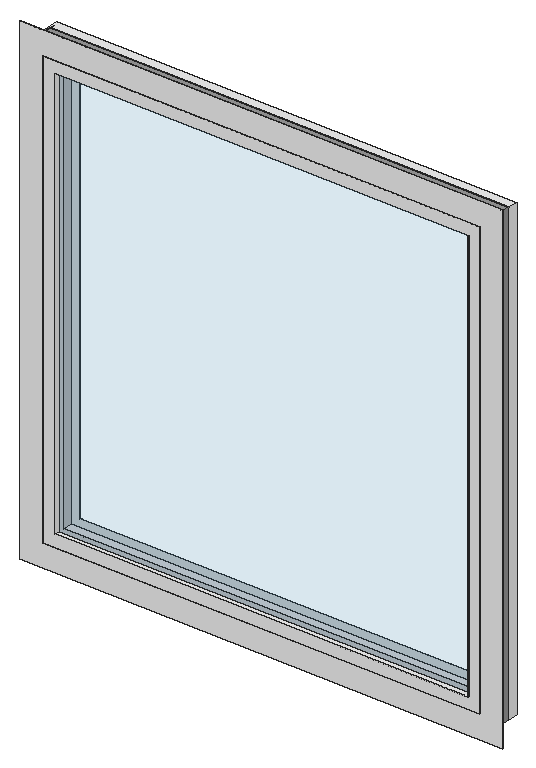
Revit family "Edge_TB42_G_Top_Hung_Standard", category Windows, host Wall, Revit 2014
Parameters (values of type "Casement_Sash_DG")
  Width Sash [instance] = 30 mm
  Width Sash Inner = 15 mm
  Width Bead = 15 mm
  Top Hung [instance] = yes
  Thermal Break Material = Rubber, Black
  Thermal Break Length = 16 mm
  Side Hung Right [instance] = yes
  Side Hung Left [instance] = yes
  Sash Opening Width [instance] = 600 mm
  Sash Opening Height [instance] = 600 mm
  Sash Lip = 15 mm
  Sash Leg [instance] = (Depth Sash - Thermal Break Length) / 2  # 13 mm
  SG Bead Leg = 6.683 mm
  Glazing Material [instance] = Glass
  Glazing Offset = 5 mm
  DG Start Piece 2 [instance] = DG End Piece 1 + DG Gasket Thickness  # 24.158 mm
  DG Start Peice 1 [instance] = ((Depth Sash - (2 * DG Glazing Thickness) - DG Gasket Thickness) / 2) - (SG Bead Leg - Aluminium Thickness) / 2  # 5.758 mm
  DG Glazing Thickness [instance] = 6.4 mm
  DG Gasket Thickness = 12 mm  # constant formula
  DG Gasket Material [instance] = none
  Depth Sash [instance] = 42 mm
  DG End Piece 2 [instance] = DG Start Piece 2 + DG Glazing Thickness  # 30.558 mm
  DG End Piece 1 [instance] = DG Start Peice 1 + DG Glazing Thickness  # 12.158 mm
  Center Vertical Sash [instance] = Sash Opening Height / 2  # 300 mm
  Center Horizontal Sash [instance] = Sash Opening Width / 2  # 300 mm
  Bottom Hung [instance] = yes
  Bead Offset = 15 mm
  Aluminium Thickness = 1 mm
  Aluminium Material [instance] = White Powder Coated Aluminium
Reference planes
  plane 1 "Center (Front/Back)": y = 0
  plane 2: z = 0
  plane 3 "Center (Left/Right)": x = 0
Forms (mm)
  Sweep 1, solid, material "White Powder Coated Aluminium" <- "Aluminium Material"
    path origin (16.177, 0, 121.331) x (1, 0, 0) y (0, 0, 1)
      loop
        line (0, 0) -> (600, 0) -> (600, 600) -> (0, 600) -> (0, 0)
    profile origin (316.177, 0, 121.331) x (0, 0, 1) y (0, -1, 0)
      loop
        line (0, 0) -> (30, 0) -> (30, 1) -> (15, 1) -> (15, 13) -> (14, 13) -> (14, 1) -> (1, 1) -> (1, 13) -> (0, 13) -> (0, 0)
      loop
        line (15, 42) -> (-15, 42) -> (-15, 41) -> (0, 41) -> (0, 29) -> (1, 29) -> (1, 41) -> (14, 41) -> (14, 29) -> (15, 29) -> (15, 42)
  Sweep 2, solid, material "White Powder Coated Aluminium" <- "Aluminium Material"
    path origin (0, 0, 0) x (1, 0, 0) y (0, 0, 1)
      loop
        line (31.177, 706.331) -> (31.177, 136.331) -> (601.177, 136.331) -> (601.177, 706.331) -> (31.177, 706.331)
    profile origin (316.177, 0, 706.331) x (0, 0, 1) y (0, -1, 0)
      loop
        line (0, 41) -> (0, 42) -> (-15, 42) -> (-15, 35.317) -> (-14, 35.317) -> (-14, 41) -> (0, 41)
  Extrusion 3, solid, material "Glass" <- "Glazing Material"
    sketch origin (0, 0, 0) x (1, 0, 0) y (0, 0, 1)
      loop
        line (36.177, 701.331) -> (36.177, 141.331) -> (596.177, 141.331) -> (596.177, 701.331) -> (36.177, 701.331)
    from 5.758 <- "DG Start Peice 1" to 12.158 <- "DG End Piece 1"
  Extrusion 4, solid, material "Glass" <- "Glazing Material"
    sketch origin (0, 0, 0) x (1, 0, 0) y (0, 0, 1)
      loop
        line (36.177, 701.331) -> (36.177, 141.331) -> (596.177, 141.331) -> (596.177, 701.331) -> (36.177, 701.331)
    from 30.558 <- "DG End Piece 2" to 24.158 <- "DG Start Piece 2"
  Sweep 5, solid, material <- "DG Gasket Material"
    path origin (0, -12.158, 0) x (1, 0, 0) y (0, 0, 1)
      loop
        line (36.177, 701.331) -> (36.177, 141.331) -> (596.177, 141.331) -> (596.177, 701.331) -> (36.177, 701.331)
    profile origin (316.177, -12.158, 701.331) x (0, 0, 1) y (0, -1, 0)
      loop
        line (0, 0) -> (0, 12) -> (-7.96, 12) -> (-7.96, 0) -> (0, 0)
  Sweep 6, solid, material "Rubber, Black" <- "Thermal Break Material"
    path origin (16.177, -13, 121.331) x (1, 0, 0) y (0, 0, 1)
      loop
        line (-15, 615) -> (-15, -15) -> (615, -15) -> (615, 615) -> (-15, 615)
    profile origin (316.177, -13, 736.331) x (0, 0, 1) y (0, -1, 0)
      loop
        line (-15, 16) -> (-16, 16) -> (-16, 0) -> (-15, 0) -> (-15, 16)
      loop
        line (-29, 16) -> (-30, 16) -> (-30, 0) -> (-29, 0) -> (-29, 16)
Lines and regions (mm)
  model lines
    curve 1: line (1.177, -42, 736.331) -> (31.177, -42, 706.331)
    curve 2: line (601.177, -42, 706.331) -> (631.177, -42, 736.331)
    curve 3: line (601.177, -42, 136.331) -> (631.177, -42, 106.331)
    curve 4: line (1.177, -42, 106.331) -> (31.177, -42, 136.331)
    curve 5: line (631.177, -41, 736.331) -> (616.177, -41, 721.331)
    curve 6: line (1.177, -41, 736.331) -> (16.177, -41, 721.331)
    curve 7: line (1.177, -41, 106.331) -> (16.177, -41, 121.331)
    curve 8: line (631.177, -41, 106.331) -> (616.177, -41, 121.331)
    curve 9: line (616.177, 0, 121.331) -> (586.177, 0, 151.331)
    curve 10: line (46.177, 0, 151.331) -> (16.177, 0, 121.331)
    curve 11: line (616.177, 0, 721.331) -> (586.177, 0, 691.331)
    curve 12: line (46.177, 0, 691.331) -> (16.177, 0, 721.331)
    curve 13: line (31.177, -42, 691.331) -> (46.177, -42, 691.331)
    curve 14: line (586.177, -42, 691.331) -> (601.177, -42, 691.331)
    curve 15: line (586.177, -42, 151.331) -> (601.177, -42, 151.331)
    curve 16: line (31.177, -42, 151.331) -> (46.177, -42, 151.331)
  model lines, style "GenericModelHiddenLines", visible <- "Top Hung"
    curve 17: line (46.386, -30.558, 690.602) -> (316.177, -30.558, 151.331)
    curve 18: line (316.177, -30.558, 151.331) -> (586.177, -30.558, 691.018)
  model lines, style "GenericModelHiddenLines", visible <- "Bottom Hung"
    curve 19: line (46.177, -30.558, 151.331) -> (316.177, -30.558, 691.018)
    curve 20: line (316.177, -30.558, 691.018) -> (586.177, -30.558, 151.331)
  model lines, style "GenericModelHiddenLines", visible <- "Side Hung Left"
    curve 21: line (46.386, -30.558, 690.602) -> (585.24, -30.558, 421.331)
    curve 22: line (585.24, -30.558, 421.331) -> (46.177, -30.558, 151.331)
  model lines, style "GenericModelHiddenLines", visible <- "Side Hung Right"
    curve 23: line (586.177, -30.558, 691.018) -> (46.177, -30.558, 421.331)
    curve 24: line (46.177, -30.558, 421.331) -> (586.177, -30.558, 151.331)
Dimensions and locks
  "Aluminium Thickness": Sweep 1 sketch curve to Sweep 1 sketch curve  (x6)
  "Depth Sash": Sweep 1 sketch curve to Sweep 1 sketch curve
  "Sash Opening Width": Sweep 1 to Sweep 1
  "Sash Opening Height": Sweep 1 to Sweep 1
  "Width Sash": Sweep 1 sketch curve to Sweep 1 sketch curve  (x2)
  "Width Sash Inner": Sweep 1 sketch curve to Sweep 1 sketch curve
  "Sash Lip": Sweep 1 sketch curve to Sweep 1 sketch curve
  "Glazing Offset": Sweep 2 to Extrusion 3 sketch curve  (x3)
  "Glazing Offset": Extrusion 3 sketch curve to Sweep 2
  Sweep 1 to Sweep 1 = 1 mm
  "Width Bead": Sweep 2 sketch curve to Sweep 2 sketch curve
  locked: Sweep 5 sketch curve to Sweep 5 sketch curve at 7.96
  "Center Horizontal Sash": Sweep 1 to curve 18
  "Center Horizontal Sash": Sweep 1 to curve 20
  "Center Vertical Sash": Sweep 1 to curve 22
  "Center Vertical Sash": Sweep 1 to curve 24
  "Sash Leg": Sweep 1 sketch curve to Sweep 1 sketch curve
  "Aluminium Thickness": Sweep 2 sketch curve to Sweep 2 sketch curve  (x2)
  "SG Bead Leg": Sweep 2 sketch curve to Sweep 2 sketch curve
  aligned and locked: level to plane 2
  aligned and locked: Sweep 1 sketch curve to Sweep 1 sketch curve  (x3)
  aligned and locked: Sweep 2 sketch curve to Sweep 1  (x4)
  aligned and locked: Sweep 1 to Sweep 2 sketch curve  (x2)
  aligned and locked: Extrusion 4 sketch curve to Extrusion 3  (x4)
  aligned and locked: Sweep 5 sketch curve to Extrusion 3  (x5)
  aligned and locked: Extrusion 3 to Sweep 5 sketch curve
  aligned and locked: Sweep 6 sketch curve to Sweep 1  (x10)
  aligned and locked: Sweep 1 to Sweep 6 sketch curve  (x2)
Automatic sketch dimensions
  plane 3 "Center (Left/Right)" to Sweep 1 sketch curve = 16.177 mm
  level to Sweep 1 sketch curve = 121.331 mm
  plane 3 "Center (Left/Right)" to Sweep 1 sketch curve = 616.177 mm
  level to Sweep 1 sketch curve = 721.331 mm
  profile plane to Sweep 5 sketch curve = 12 mm
  curve 7 to Sweep 1 = 0 mm  (x4)
  curve 6 to Sweep 1 = 0 mm  (x3)
  Sweep 1 to curve 6 = 0 mm
  curve 5 to Sweep 1 = 0 mm  (x3)
  curve 8 to Sweep 1 = 0 mm  (x4)
  Sweep 1 to curve 5 = 0 mm
  curve 16 to Sweep 2 = 0 mm  (x3)
  curve 13 to Sweep 2 = 0 mm  (x3)
  curve 15 to Sweep 2 = 0 mm
  Sweep 2 to curve 15 = 0 mm  (x2)
  curve 14 to Sweep 2 = 0 mm  (x2)
  Sweep 2 to curve 14 = 0 mm
  curve 1 to Sweep 1 = 0 mm  (x4)
  curve 4 to Sweep 1 = 0 mm  (x4)
  curve 2 to Sweep 1 = 0 mm  (x4)
  curve 3 to Sweep 1 = 0 mm  (x2)
  Sweep 1 to curve 3 = 0 mm  (x2)
  curve 10 to Sweep 1 = 0 mm  (x4)
  curve 12 to Sweep 1 = 0 mm  (x2)
  Sweep 1 to curve 12 = 0 mm  (x2)
  curve 11 to Sweep 1 = 0 mm  (x4)
  curve 9 to Sweep 1 = 0 mm  (x4)
  profile plane to Sweep 1 sketch curve = 0 mm  (x2)
  Sweep 1 sketch curve to plane 1 "Center (Front/Back)" = 0 mm
  Sweep 1 sketch curve to Sweep 1 sketch curve = 13 mm
  Sweep 1 sketch curve to Sweep 1 sketch curve = 12 mm  (x2)
  curve 21 to Extrusion 4 = 10.208 mm
  curve 19 to Extrusion 4 = 10 mm
  curve 23 to Extrusion 4 = 10 mm  (x2)
  curve 22 to Extrusion 4 = 10.937 mm
  curve 20 to Extrusion 4 = 10 mm
  curve 24 to Extrusion 4 = 10 mm
  curve 22 to Extrusion 4 = 10 mm
  curve 18 to Extrusion 4 = 10 mm
  curve 21 to Extrusion 4 = 10.729 mm
  curve 19 to Extrusion 4 = 10.312 mm
  curve 18 to Extrusion 4 = 10.312 mm
Types in the file's own list only (12): name | Windload Design | Width Sash Opening | Width Sash 2 | Width Sash 1 | Width Profile | Width Panel 4 | Width Panel 2 | Width Panel 1 | Width | URL | Rough Width | Max System DG Unit Thickness | Max System DG One Piece Thickness | Max Pane Area | Limit Sash Height Bottom Min | Limit Sash Height Bottom Max | Limit Sash Bottom Height Max Based On Top Sash | Limit Fixed Pane Width Min | Limit Fixed Pane Width Max | Limit Fixed Pane Height Min | Limit Fixed Pane Height Max | Intruderprufe U Value | Intruderprufe SHGC Value | Intruderprufe LowE U Value | Intruderprufe LowE SHGC Value | Intruderprufe Insulated U Value | Intruderprufe Insulated SHGC Value | Intruderprufe Insulated LowE U Value | Intruderprufe Insulated LowE SHGC Value | Height Sash Top Opening | Height Sash Bottom Opening | Height | Has Stiffener Cap | Energy Advantage U Value | Energy Advantage SHGC Value | DG Thickness Calc | Custom Window Width | Custom Window Height | Custom Windload | Custom Sash Width | Sash Spacing Inner | Sash Overlap | Sash Center Offset | SG Gasket Thickness | Offset Window Exterior | Offset Sash Left | Offset Sash 2 Top | Offset Sash 1 Top | Offset Panel 4 Left | Offset Mullion Left | Offset Transom 1 Top | Offset Bead SG Center Reversed | Model | Manufacturer | Limit Window Width Min | Limit Window Width Max | Limit Window Height Max | Limit Sash Width Min | Limit Sash Width Max | Limit Sash Height Top Min | Limit Sash Height Top Max | Length Transom | Length Mullion | Height Sash 2 | Height Sash 1 | Height Panel 4 | Height Panel 2 | Height Panel 1 | Description | Depth Mullion | Frame Center Offset | Depth Bead | Default Sill Height | Wall Closure | DG Gasket Finish | DG Extrusion Start | Mullion Depth Windload Based | Window Exterior Offset | Custom Sash Height Top | Custom Sash Height Bottom | Clearvue U Value | Clearvue SHGC Value | Clearvue Insulated U Value | Clearvue Insulated SHGC Value | Clearvue Insulated LowE U Value | Clearvue Insulated LowE SHGC Value | Casement Dimension | Bottom Hung | Bead SG Gap | Area Pane Right | Area Pane Left Top | Area Pane Left Bottom
  EDGE-1212DT-1000Pa | 1000 mm | 569 mm | 539 mm | 539 mm | 30 mm | 545 mm | 555 mm | 555 mm | 1190 mm | "http://www.crealco.co.za/crealco-products.php" | 16 mm | 25 mm | 6 mm | 0.60 m² | 300 mm | 1200 mm | 1229 mm | 200 mm | 1500 mm | 200 mm | 1800 mm | 7.03 | 0.699 | 5.33 | 0.627 | 4.1 | 0.621 | 3.45 | 0.561 | 569 mm | 569 mm | 1200 mm | No | 5.33 | 0.671 | 4 mm | 1190 mm | 1190 mm | 1000 mm | 569 mm | 8 mm | 7 mm | 18 mm | 6 mm | 21 mm | 23 mm | 608 mm | 23 mm | 615 mm | 585 mm | 585 mm | 21 mm | "Edge" | "Crealco" | 845 mm | 2145 mm | 1860 mm | 300 mm | 1500 mm | 300 mm | 1200 mm | 555 mm | 1200 mm | 539 mm | 539 mm | 1140 mm | 555 mm | 555 mm | "Thermal break casement windows (42mm), Type G top hung" | 0 mm | 21 mm | 28 mm | 800 mm | By host | Double Glazing Gasket Material | 11 mm | 0 mm | 0 mm | 569 mm | 569 mm | 7.15 | 0.749 | 4.16 | 0.677 | 3.5 | 0.616 | 42 mm | No | 13 mm | 0.60 m² | 0.25 m² | 0.25 m²
  EDGE-1512DT-1000Pa | 1000 mm | 569 mm | 539 mm | 539 mm | 30 mm | 845 mm | 555 mm | 555 mm | 1490 mm | "http://www.crealco.co.za/crealco-products.php" | 16 mm | 25 mm | 6 mm | 0.94 m² | 300 mm | 1200 mm | 1229 mm | 200 mm | 1500 mm | 200 mm | 1800 mm | 7.66 | 0.81 | 5.64 | 0.724 | 4.32 | 0.717 | 3.55 | 0.648 | 569 mm | 569 mm | 1200 mm | No | 5.67 | 0.776 | 4 mm | 1490 mm | 1190 mm | 1000 mm | 569 mm | 8 mm | 7 mm | 18 mm | 6 mm | 21 mm | 23 mm | 608 mm | 23 mm | 615 mm | 585 mm | 585 mm | 21 mm | "Edge" | "Crealco" | 845 mm | 2145 mm | 1860 mm | 300 mm | 1500 mm | 300 mm | 1200 mm | 555 mm | 1200 mm | 539 mm | 539 mm | 1140 mm | 555 mm | 555 mm | "Thermal break casement windows (42mm), Type G top hung" | 0 mm | 21 mm | 28 mm | 800 mm | By host | Double Glazing Gasket Material | 11 mm | 0 mm | 0 mm | 569 mm | 569 mm | 7.8 | 0.868 | 4.38 | 0.781 | 3.61 | 0.71 | 42 mm | No | 13 mm | 0.94 m² | 0.25 m² | 0.25 m²
  EDGE-1812DT-1000Pa | 1000 mm | 854 mm | 824 mm | 824 mm | 30 mm | 860 mm | 840 mm | 840 mm | 1790 mm | "http://www.crealco.co.za/crealco-products.php" | 16 mm | 25 mm | 6 mm | 0.96 m² | 300 mm | 1200 mm | 1229 mm | 200 mm | 1500 mm | 200 mm | 1800 mm | 7.13 | 0.76 | 5.24 | 0.679 | 4.02 | 0.679 | 3.3 | 0.606 | 569 mm | 569 mm | 1200 mm | No | 5.26 | 0.728 | 4 mm | 1790 mm | 1190 mm | 1000 mm | 854 mm | 8 mm | 7 mm | 18 mm | 6 mm | 21 mm | 23 mm | 608 mm | 23 mm | 900 mm | 870 mm | 585 mm | 21 mm | "Edge" | "Crealco" | 1130 mm | 2430 mm | 1860 mm | 300 mm | 1500 mm | 300 mm | 1200 mm | 840 mm | 1200 mm | 539 mm | 539 mm | 1140 mm | 555 mm | 555 mm | "Thermal break casement windows (42mm), Type G top hung" | 0 mm | 21 mm | 28 mm | 800 mm | By host | Double Glazing Gasket Material | 11 mm | 0 mm | 0 mm | 569 mm | 569 mm | 7.26 | 0.813 | 4.08 | 0.731 | 3.35 | 0.665 | 42 mm | No | 13 mm | 0.96 m² | 0.39 m² | 0.39 m²
  EDGE-2412DT-1000Pa | 1000 mm | 854 mm | 824 mm | 824 mm | 30 mm | 1460 mm | 840 mm | 840 mm | 2390 mm | "http://www.crealco.co.za/crealco-products.php" | 16 mm | 25 mm | 6 mm | 1.64 m² | 300 mm | 1200 mm | 1229 mm | 200 mm | 1500 mm | 200 mm | 1800 mm | 5.42 | 0.613 | 3.87 | 0.546 | 2.93 | 0.539 | 2.35 | 0.486 | 569 mm | 569 mm | 1200 mm | No | 7.9 | 0 | 4 mm | 2390 mm | 1190 mm | 1000 mm | 854 mm | 8 mm | 7 mm | 18 mm | 6 mm | 21 mm | 23 mm | 608 mm | 23 mm | 900 mm | 870 mm | 585 mm | 21 mm | "Edge" | "Crealco" | 1130 mm | 2430 mm | 1860 mm | 300 mm | 1500 mm | 300 mm | 1200 mm | 840 mm | 1200 mm | 539 mm | 539 mm | 1140 mm | 555 mm | 555 mm | "Thermal break casement windows (42mm), Type G top hung" | 0 mm | 21 mm | 28 mm | 800 mm | By host | Double Glazing Gasket Material | 11 mm | 0 mm | 0 mm | 569 mm | 569 mm | 7.9 | 0 | 2.98 | 0.586 | 2.39 | 0.533 | 42 mm | No | 13 mm | 1.64 m² | 0.39 m² | 0.39 m²
  EDGE-1212DT-1500Pa | 1500 mm | 569 mm | 539 mm | 539 mm | 30 mm | 545 mm | 555 mm | 555 mm | 1190 mm | "http://www.crealco.co.za/crealco-products.php" | 16 mm | 25 mm | 6 mm | 0.60 m² | 300 mm | 1200 mm | 1229 mm | 200 mm | 1500 mm | 200 mm | 1800 mm | 7.03 | 0.699 | 5.33 | 0.627 | 4.1 | 0.621 | 3.45 | 0.561 | 569 mm | 569 mm | 1200 mm | No | 5.33 | 0.671 | 4 mm | 1190 mm | 1190 mm | 1500 mm | 569 mm | 8 mm | 7 mm | 18 mm | 6 mm | 21 mm | 23 mm | 608 mm | 23 mm | 615 mm | 585 mm | 585 mm | 21 mm | "Edge" | "Crealco" | 845 mm | 2145 mm | 1860 mm | 300 mm | 1500 mm | 300 mm | 1200 mm | 555 mm | 1200 mm | 539 mm | 539 mm | 1140 mm | 555 mm | 555 mm | "Thermal break casement windows (42mm), Type G top hung" | 0 mm | 21 mm | 28 mm | 800 mm | By host | Double Glazing Gasket Material | 11 mm | 0 mm | 0 mm | 569 mm | 569 mm | 7.15 | 0.749 | 4.16 | 0.677 | 3.5 | 0.616 | 42 mm | No | 13 mm | 0.60 m² | 0.25 m² | 0.25 m²
  EDGE-1212DT-2000Pa | 2000 mm | 569 mm | 539 mm | 539 mm | 30 mm | 545 mm | 555 mm | 555 mm | 1190 mm | "http://www.crealco.co.za/crealco-products.php" | 16 mm | 25 mm | 6 mm | 0.60 m² | 300 mm | 1200 mm | 1229 mm | 200 mm | 1500 mm | 200 mm | 1800 mm | 6.61 | 0.759 | 4.88 | 0.678 | 3.77 | 0.673 | 3.11 | 0.608 | 569 mm | 569 mm | 1200 mm | Yes | 4.9 | 0.726 | 4 mm | 1190 mm | 1190 mm | 2000 mm | 569 mm | 8 mm | 7 mm | 18 mm | 6 mm | 21 mm | 23 mm | 608 mm | 23 mm | 615 mm | 585 mm | 585 mm | 21 mm | "Edge" | "Crealco" | 845 mm | 2145 mm | 1860 mm | 300 mm | 1500 mm | 300 mm | 1200 mm | 555 mm | 1200 mm | 539 mm | 539 mm | 1140 mm | 555 mm | 555 mm | "Thermal break casement windows (42mm), Type G top hung" | 1 mm | 21 mm | 28 mm | 800 mm | By host | Double Glazing Gasket Material | 11 mm | 1 mm | 0 mm | 569 mm | 569 mm | 6.73 | 0.812 | 3.83 | 0.733 | 3.16 | 0.667 | 42 mm | No | 13 mm | 0.60 m² | 0.25 m² | 0.25 m²
  EDGE-1512DT-2000Pa | 2000 mm | 569 mm | 539 mm | 539 mm | 30 mm | 845 mm | 555 mm | 555 mm | 1490 mm | "http://www.crealco.co.za/crealco-products.php" | 16 mm | 25 mm | 6 mm | 0.94 m² | 300 mm | 1200 mm | 1229 mm | 200 mm | 1500 mm | 200 mm | 1800 mm | 7.3 | 0.862 | 5.26 | 0.768 | 4.03 | 0.762 | 3.26 | 0.688 | 569 mm | 569 mm | 1200 mm | Yes | 5.3 | 0.824 | 4 mm | 1490 mm | 1190 mm | 2000 mm | 569 mm | 8 mm | 7 mm | 18 mm | 6 mm | 21 mm | 23 mm | 608 mm | 23 mm | 615 mm | 585 mm | 585 mm | 21 mm | "Edge" | "Crealco" | 845 mm | 2145 mm | 1860 mm | 300 mm | 1500 mm | 300 mm | 1200 mm | 555 mm | 1200 mm | 539 mm | 539 mm | 1140 mm | 555 mm | 555 mm | "Thermal break casement windows (42mm), Type G top hung" | 1 mm | 21 mm | 28 mm | 800 mm | By host | Double Glazing Gasket Material | 11 mm | 1 mm | 0 mm | 569 mm | 569 mm | 7.43 | 0.922 | 4.1 | 0.829 | 3.31 | 0.753 | 42 mm | No | 13 mm | 0.94 m² | 0.25 m² | 0.25 m²
  EDGE-1812DT-1500Pa | 1500 mm | 854 mm | 824 mm | 824 mm | 30 mm | 860 mm | 840 mm | 840 mm | 1790 mm | "http://www.crealco.co.za/crealco-products.php" | 16 mm | 25 mm | 6 mm | 0.96 m² | 300 mm | 1200 mm | 1229 mm | 200 mm | 1500 mm | 200 mm | 1800 mm | 6.85 | 0.8 | 4.94 | 0.713 | 3.8 | 0.706 | 3.08 | 0.637 | 569 mm | 569 mm | 1200 mm | Yes | 4.98 | 0.765 | 4 mm | 1790 mm | 1190 mm | 1500 mm | 854 mm | 8 mm | 7 mm | 18 mm | 6 mm | 21 mm | 23 mm | 608 mm | 23 mm | 900 mm | 870 mm | 585 mm | 21 mm | "Edge" | "Crealco" | 1130 mm | 2430 mm | 1860 mm | 300 mm | 1500 mm | 300 mm | 1200 mm | 840 mm | 1200 mm | 539 mm | 539 mm | 1140 mm | 555 mm | 555 mm | "Thermal break casement windows (42mm), Type G top hung" | 1 mm | 21 mm | 28 mm | 800 mm | By host | Double Glazing Gasket Material | 11 mm | 1 mm | 0 mm | 569 mm | 569 mm | 6.98 | 0.855 | 3.86 | 0.769 | 3.12 | 0.699 | 42 mm | No | 13 mm | 0.96 m² | 0.39 m² | 0.39 m²
  EDGE-1812DT-2000Pa | 2000 mm | 854 mm | 824 mm | 824 mm | 30 mm | 860 mm | 840 mm | 840 mm | 1790 mm | "http://www.crealco.co.za/crealco-products.php" | 16 mm | 25 mm | 6 mm | 0.96 m² | 300 mm | 1200 mm | 1229 mm | 200 mm | 1500 mm | 200 mm | 1800 mm | 6.85 | 0.8 | 4.94 | 0.713 | 3.8 | 0.706 | 3.08 | 0.637 | 569 mm | 569 mm | 1200 mm | Yes | 4.98 | 0.765 | 4 mm | 1790 mm | 1190 mm | 2000 mm | 854 mm | 8 mm | 7 mm | 18 mm | 6 mm | 21 mm | 23 mm | 608 mm | 23 mm | 900 mm | 870 mm | 585 mm | 21 mm | "Edge" | "Crealco" | 1130 mm | 2430 mm | 1860 mm | 300 mm | 1500 mm | 300 mm | 1200 mm | 840 mm | 1200 mm | 539 mm | 539 mm | 1140 mm | 555 mm | 555 mm | "Thermal break casement windows (42mm), Type G top hung" | 1 mm | 21 mm | 28 mm | 800 mm | By host | Double Glazing Gasket Material | 11 mm | 1 mm | 0 mm | 569 mm | 569 mm | 6.98 | 0.855 | 3.86 | 0.769 | 3.12 | 0.699 | 42 mm | No | 13 mm | 0.96 m² | 0.39 m² | 0.39 m²
  EDGE-2412DT-1500Pa | 1500 mm | 854 mm | 824 mm | 824 mm | 30 mm | 1460 mm | 840 mm | 840 mm | 2390 mm | "http://www.crealco.co.za/crealco-products.php" | 16 mm | 25 mm | 6 mm | 1.64 m² | 300 mm | 1200 mm | 1229 mm | 200 mm | 1500 mm | 200 mm | 1800 mm | 5.21 | 0.641 | 3.65 | 0.57 | 2.77 | 0.564 | 2.19 | 0.509 | 569 mm | 569 mm | 1200 mm | Yes | 7.9 | 0 | 4 mm | 2390 mm | 1190 mm | 1500 mm | 854 mm | 8 mm | 7 mm | 18 mm | 6 mm | 21 mm | 23 mm | 608 mm | 23 mm | 900 mm | 870 mm | 585 mm | 21 mm | "Edge" | "Crealco" | 1130 mm | 2430 mm | 1860 mm | 300 mm | 1500 mm | 300 mm | 1200 mm | 840 mm | 1200 mm | 539 mm | 539 mm | 1140 mm | 555 mm | 555 mm | "Thermal break casement windows (42mm), Type G top hung" | 1 mm | 21 mm | 28 mm | 800 mm | By host | Double Glazing Gasket Material | 11 mm | 1 mm | 0 mm | 569 mm | 569 mm | 7.9 | 0 | 2.82 | 0.613 | 2.22 | 0.557 | 42 mm | No | 13 mm | 1.64 m² | 0.39 m² | 0.39 m²
  EDGE-2412DT-2000Pa | 2000 mm | 854 mm | 824 mm | 824 mm | 30 mm | 1460 mm | 840 mm | 840 mm | 2390 mm | "http://www.crealco.co.za/crealco-products.php" | 16 mm | 25 mm | 6 mm | 1.64 m² | 300 mm | 1200 mm | 1229 mm | 200 mm | 1500 mm | 200 mm | 1800 mm | 5.21 | 0.641 | 3.65 | 0.57 | 2.77 | 0.564 | 2.19 | 0.509 | 569 mm | 569 mm | 1200 mm | Yes | 7.9 | 0 | 4 mm | 2390 mm | 1190 mm | 2000 mm | 854 mm | 8 mm | 7 mm | 18 mm | 6 mm | 21 mm | 23 mm | 608 mm | 23 mm | 900 mm | 870 mm | 585 mm | 21 mm | "Edge" | "Crealco" | 1130 mm | 2430 mm | 1860 mm | 300 mm | 1500 mm | 300 mm | 1200 mm | 840 mm | 1200 mm | 539 mm | 539 mm | 1140 mm | 555 mm | 555 mm | "Thermal break casement windows (42mm), Type G top hung" | 1 mm | 21 mm | 28 mm | 800 mm | By host | Double Glazing Gasket Material | 11 mm | 1 mm | 0 mm | 569 mm | 569 mm | 7.9 | 0 | 2.82 | 0.613 | 2.22 | 0.557 | 42 mm | No | 13 mm | 1.64 m² | 0.39 m² | 0.39 m²
  EDGE-1512DT-1500Pa | 1500 mm | 569 mm | 539 mm | 539 mm | 30 mm | 845 mm | 555 mm | 555 mm | 1490 mm | "http://www.crealco.co.za/crealco-products.php" | 16 mm | 25 mm | 6 mm | 0.94 m² | 300 mm | 1200 mm | 1229 mm | 200 mm | 1500 mm | 200 mm | 1800 mm | 7.66 | 0.81 | 5.64 | 0.724 | 4.32 | 0.717 | 3.55 | 0.648 | 569 mm | 569 mm | 1200 mm | No | 5.67 | 0.776 | 4 mm | 1490 mm | 1190 mm | 1500 mm | 569 mm | 8 mm | 7 mm | 18 mm | 6 mm | 21 mm | 23 mm | 608 mm | 23 mm | 615 mm | 585 mm | 585 mm | 21 mm | "Edge" | "Crealco" | 845 mm | 2145 mm | 1860 mm | 300 mm | 1500 mm | 300 mm | 1200 mm | 555 mm | 1200 mm | 539 mm | 539 mm | 1140 mm | 555 mm | 555 mm | "Thermal break casement windows (42mm), Type G top hung" | 0 mm | 21 mm | 28 mm | 800 mm | By host | Double Glazing Gasket Material | 11 mm | 0 mm | 0 mm | 569 mm | 569 mm | 7.8 | 0.868 | 4.38 | 0.781 | 3.61 | 0.71 | 42 mm | No | 13 mm | 0.94 m² | 0.25 m² | 0.25 m²
